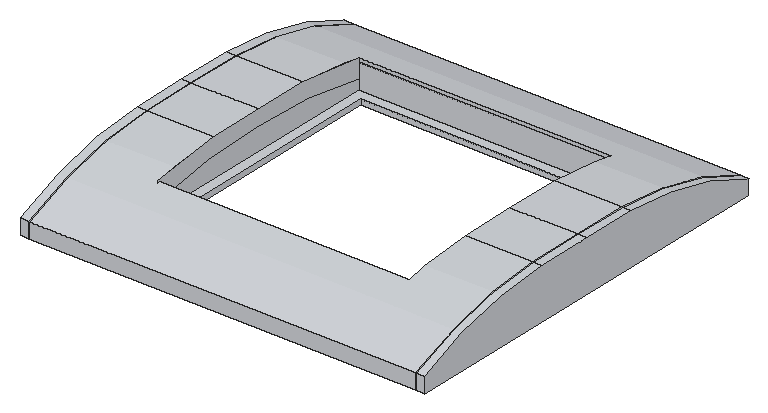
Revit family "Gira_1002803", category Electrical Fixtures, host Face, Revit 2017
Family settings
  Host = Face
  Maintain Annotation Orientation = No
  Round Connector Dimension = Use Diameter
  Part Type = Normal
  Cut with Voids When Loaded = No
  Shared = No
  Room Calculation Point = No
Parameters (values of type "Abdeckrahmen 2f o.M. Zwischenr. RW Gira Event Reinweiß")
  Werkstoffgüte = "Thermoplast"
  Werkstoff = "Kunststoff"
  URL = "http://katalog.gira.de/de_DE/datenblatt.html?artikelnr=1002803"
  Transparent = "No"
  Textfeld/Beschriftungsfläche = "No"
  Schutzart (IP) = "IP20"
  Region = "DE"
  Oberfläche = "sonstige"
  Name = "Abdeckrahmen 2f o.M. Zwischenr. RW Gira Event Reinweiß"
  Montagerichtung = "horizontal und vertikal"
  Mit Montagerahmen = "No"
  Mit Klappdeckel = "No"
  Manufacturer URL = "https://www.gira.de/"
  Keynote = "Event_Rahmen_2fach o.Mittelsteg"
  HeinzeBIM = "https://bimportal.heinze.de/bim/abdeckrahmen-2f-o-m-zwischenr-rw-gira-event-reinweiss/f24d8142ac40099c33174513303b0f3ea320bc3e"
  Halogenfrei = "Yes"
  HAN = "1002803"
  Geeignet für Unterputz-Installation = "Yes"
  Geeignet für Unterflurkanaldose = "No"
  Geeignet für Geräteeinbaukanal = "No"
  Geeignet für Einbauinstallation = "No"
  GTIN = "4010337070382"
  Farbe = "weiß"
  Default Elevation = 1219.2 mm
  Data sheet (1) = "https://katalog.gira.de/de_DE/download.html?artikelnr=1002803"
  Category = "Abdeckrahmen"
  Befestigungsart = "Klemmbefestigung"
  Available = "Yes"
  Anzahl der Einheiten vertikal = "2 "
  Anzahl der Einheiten horizontal = "2 "
  Anzahl der Einheiten = "2 "
Reference planes
  plane 1 "Center (Front/Back)": y = 0
  plane 2: z = 0
  plane 3 "Center (Left/Right)": x = 0
Forms (mm)
  Extrusion 1, solid, detail levels fine
    sketch origin (0, 0, 1.55) x (0, 1, 0) y (0, 0, 1)
      loop
        arc (12.445, 9.683) -> (6.223, 9.833) -> (0, 9.85) r 291.636
        arc (0, 9.85) -> (-6.223, 9.833) -> (-12.445, 9.683) r 291.636
        arc (-12.445, 9.683) -> (-29.14, 7.482) -> (-45, 1.823) r 79.728
        line (-45, 1.823) -> (-45, -1.55) -> (-41.777, -1.55) -> (-41.777, -0.55)
        arc (-41.777, -0.55) -> (-21.205, 4.846) -> (0, 6.467) r 118.15
        arc (0, 6.467) -> (21.205, 4.846) -> (41.777, -0.55) r 118.15
        line (41.777, -0.55) -> (41.777, -1.55) -> (45, -1.55) -> (45, 1.823)
        arc (45, 1.823) -> (29.14, 7.482) -> (12.445, 9.683) r 79.728
    from -43 to 43
  Extrusion 2, void, detail levels fine
    sketch origin (0, 0, 0) x (1, 0, 0) y (0, 1, 0)
      loop
        line (-28, -28) -> (28, -28) -> (28, 28) -> (-28, 28) -> (-28, -28)
    from 2.85 to 12
  Extrusion 3, solid, detail levels coarse
    sketch origin (0, 0, 0) x (1, 0, 0) y (0, 1, 0)
      loop
        line (-45, 45) -> (-45, -45) -> (45, -45) -> (45, 45) -> (-45, 45)
    from 0 to 11.4
  Extrusion 4, solid, detail levels medium
    sketch origin (0, 0, 1.55) x (0, 1, 0) y (0, 0, 1)
      loop
        arc (12.445, 9.683) -> (6.223, 9.833) -> (0, 9.85) r 291.636
        arc (0, 9.85) -> (-6.223, 9.833) -> (-12.445, 9.683) r 291.636
        arc (-12.445, 9.683) -> (-29.14, 7.482) -> (-45, 1.823) r 79.728
        line (-45, 1.823) -> (-45, -1.55) -> (45, -1.55) -> (45, 1.823)
        arc (45, 1.823) -> (29.14, 7.482) -> (12.445, 9.683) r 79.728
    from -45 to 45
  Extrusion 5, solid, detail levels fine
    sketch origin (0, 0, 0) x (0, 1, 0) y (0, 0, 1)
      loop
        arc (45, 3.373) -> (29.14, 9.032) -> (12.445, 11.233) r 79.728
        arc (12.445, 11.233) -> (6.223, 11.383) -> (0, 11.4) r 291.636
        arc (0, 11.4) -> (-6.223, 11.383) -> (-12.445, 11.233) r 291.636
        arc (-12.445, 11.233) -> (-29.14, 9.032) -> (-45, 3.373) r 79.728
        line (-45, 3.373) -> (-45, 0) -> (45, 0) -> (45, 3.373)
    from 43 to 45
  Extrusion 6, solid, detail levels fine
    sketch origin (0, 0, 0) x (0, 1, 0) y (0, 0, -1)
      loop
        line (45, -3.373) -> (45, 0) -> (-45, 0) -> (-45, -3.373)
        arc (-45, -3.373) -> (-29.14, -9.032) -> (-12.445, -11.233) r 79.728
        arc (-12.445, -11.233) -> (-6.223, -11.383) -> (0, -11.4) r 291.636
        arc (0, -11.4) -> (6.223, -11.383) -> (12.445, -11.233) r 291.636
        arc (12.445, -11.233) -> (29.14, -9.032) -> (45, -3.373) r 79.728
    from 43 to 45
  Extrusion 7, solid, detail levels fine
    sketch origin (0, 0, 0) x (1, 0, 0) y (0, 1, 0)
      loop
        line (-25.7, 25.7) -> (-25.7, -25.7) -> (25.7, -25.7) -> (25.7, 25.7) -> (-25.7, 25.7)
      loop
        line (-29.495, 27.895) -> (-29.495, -27.895)
        spline (-29.495, -27.895) -> (-29.486, -28.025) -> (-29.461, -28.154) -> (-29.419, -28.278) -> (-29.361, -28.395) -> (-29.288, -28.504) -> (-29.202, -28.602) -> (-29.104, -28.688) -> (-28.995, -28.761) -> (-28.878, -28.819) -> (-28.754, -28.861) -> (-28.625, -28.886) -> (-28.495, -28.895)
        line (-28.495, -28.895) -> (28.495, -28.895)
        spline (28.495, -28.895) -> (28.625, -28.886) -> (28.754, -28.861) -> (28.878, -28.819) -> (28.995, -28.761) -> (29.104, -28.688) -> (29.202, -28.602) -> (29.288, -28.504) -> (29.361, -28.395) -> (29.419, -28.278) -> (29.461, -28.154) -> (29.486, -28.025) -> (29.495, -27.895)
        line (29.495, -27.895) -> (29.495, 27.895)
        spline (29.495, 27.895) -> (29.486, 28.025) -> (29.461, 28.154) -> (29.419, 28.278) -> (29.361, 28.395) -> (29.288, 28.504) -> (29.202, 28.602) -> (29.104, 28.688) -> (28.995, 28.761) -> (28.878, 28.819) -> (28.754, 28.861) -> (28.625, 28.886) -> (28.495, 28.895)
        line (28.495, 28.895) -> (-28.495, 28.895)
        spline (-28.495, 28.895) -> (-28.625, 28.886) -> (-28.754, 28.861) -> (-28.878, 28.819) -> (-28.995, 28.761) -> (-29.104, 28.688) -> (-29.202, 28.602) -> (-29.288, 28.504) -> (-29.361, 28.395) -> (-29.419, 28.278) -> (-29.461, 28.154) -> (-29.486, 28.025) -> (-29.495, 27.895)
    from 1.673 to 8.5
Cuts and joins
  Extrusion 2 cuts Extrusion 1
  Extrusion 2 cuts Extrusion 7
Dimensions and locks
  aligned and locked: plane 2 to host face
  aligned and locked: level to host face
